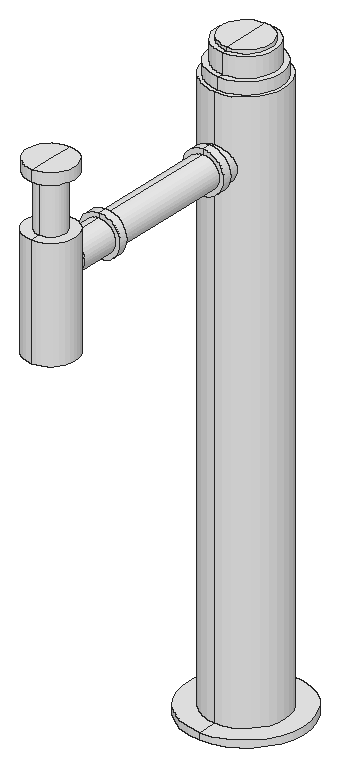
Revit family "Trap-FloorMounted-FreestandingBottleTrapSystem-Short-Vitra-Other-A45160", category Plumbing Fixtures, host Face, Revit 2017
Family settings
  Host = Face
  Round Connector Dimension = Use Diameter
  Part Type = Normal
  OmniClass Number = 23.45.55.17
  OmniClass Title = Mixing Faucets
  Cut with Voids When Loaded = No
  Shared = Yes
  Room Calculation Point = No
Parameters (values of type "Trap-FloorMounted-FreestandingBottleTrapSystem-Vitra-Other-A45160")
  Youtube = "https://www.youtube.com/user/VitrAglobal"
  Width(mm) = 120 mm
  Weight Net (kg) = "8,812"
  Waste Connection = yes
  Warranty Period (Year) = "10 Years"
  Uniformat II Description = "Plumbing Fixtures"
  Uniformat II Code = "D2010"
  Uniclass 2015 Name = "Wastewater and water mixer products"
  Uniclass 2015 Code = "Pr_60_45_90"
  Uniclass 2.0 Description = "Sanitary Dispensing And Disposal Units"
  Uniclass 1.4 Description = "Sanitary disposal units"
  Uniclass 2.0 Code = "PR-31-76"
  Uniclass 1.4 Code = "L7218"
  URL = "https://vitraglobal.com/"
  UNSPSC Description = "Sanitary ware"
  UNSPSC Code = "301815"
  Test Pressure = ""
  Technical description = "https://www.vitra.com.tr/pdf/A45160/"
  Tap hole Options (default) = ""
  Sustainability Performance = ""
  Specification = ""
  Region South America = "All"
  Region Oceania = "All"
  Region North America = "All"
  Region Middle East = "All"
  Region Europe = "All"
  Region Asia = "All"
  Region Antarctica = "All"
  Region Africa = "All"
  Range of flow pressure = ""
  Range of Hot Water Supply = ""
  Product url = ""
  Product group = "Other Trap"
  Product family = "Other"
  Product data url = "https://www.vitra.com.tr/armaturler/tamamlayici-urunler/sifon-suzgec/plural-yerden-sifon-seti-kisa-sku-A45160/"
  Product certification = "https://www.vitraglobal.com/brochures/"
  Product Type = "Freestanding Bottle Trap System"
  Product SKU = "A45160"
  Product Properties = ""
  Product Manual = ""
  Product Guid = ""
  Packaged Weight (kg) = ""
  Number Of Connections = 3 mm
  MountingType = "Floor Mounted"
  Min. flow pressure of = ""
  Main Material = ""
  Hot Water temperature, factory set to = ""
  Hot Water Supply (max.) = ""
  HW Connection = yes
  GTIP code = ""
  Flow Rate(L/min. - 3 bar) = ""
  Features = ""
  EAN code = ""
  Date of publishing = "2018"
  Cost = 0
  Connection Diameter (mm) = 15 mm
  Coating Material = Chrome
  OmniClass Description = "Residential Waste Disposal Units"
  OmniClass Code = "23-21 23 27"
  Nominal width = "0.000"
  Nominal height = "0.000"
  NBS Referans Description = "Sanitary Dispensing And Disposal Units"
  NBS Referans Code = "31-76"
  Model = "A45160"
  Masterformat 2014 Description = "Sanitary Waste and Vent Piping"
  Masterformat 2014 Code = "22 13 16"
  Manufacturer name = "Vitra"
  Manufacturer = "Vitra"
  Installation instructions = ""
  IFC Classification = "Sanitary Terminal"
  Height(mm) = 607 mm
  Design country = "Turkey"
  Description = "Freestanding Bottle Trap System Siphon Set - Short"
  Depth(mm) = 340 mm
  Default Elevation = 0 mm
  Color = "Chrome"
  Calculated flow = ""
  CW Connection = yes
  COBIe Type Category = ""
  Brand = "VitrA"
  BIMobject category = "Sanitary - Taps & Mixers"
  Article No. (default) = "A45160"
  Approvals = ""
  ApplicationType = ""
  Accessories (default) = ""
Types (8, lengths in mm): name | Warranty Period (Year) | Technical description | Product data url | Product SKU | Coating Material | Model | Color | Article No. (default)
  (no name) | "10 Years" | "https://www.vitra.com.tr/pdf/A45160/" | "https://www.vitra.com.tr/armaturler/tamamlayici-urunler/sifon-suzgec/plural-yerden-sifon-seti-kisa-sku-A45160/" | "A45160" | Chrome | "A45160" | "Chrome" | "A45160"
  Trap-FloorMounted-FreestandingBottleTrapSystem-Vitra-Other-A45160 | "10 Years" | "https://www.vitra.com.tr/pdf/A45160/" | "https://www.vitra.com.tr/armaturler/tamamlayici-urunler/sifon-suzgec/plural-yerden-sifon-seti-kisa-sku-A45160/" | "A45160" | Chrome | "A45160" | "Chrome" | "A45160"
  Trap-FloorMounted-FreestandingBottleTrapSystem-Vitra-Other-A4516036 | "10 Years" | "https://www.vitra.com.tr/pdf/A4516036/" | "https://www.vitra.com.tr/armaturler/tamamlayici-urunler/sifon-suzgec/plural-yerden-sifon-seti-kisa-sku-A4516036/" | "A4516036" | MatteBlack | "A4516036" | "Black" | "A4516036"
  Trap-FloorMounted-FreestandingBottleTrapSystem-Vitra-Other-A4516036IND | "7 Years" | "https://www.vitra.com.tr/pdf/A4516036/" | "https://www.vitra-india.com/faucets-shower-systems-accessories/complementary-products/traps/freestanding-bottle-trap-system-sku-a4516036ind" | "A4516036IND" | MatteBlack | "A4516036IND" | "Black" | "A4516036IND"
  Trap-FloorMounted-FreestandingBottleTrapSystem-Vitra-Other-A45160IND | "7 Years" | "https://www.vitra.com.tr/pdf/A45160/" | "https://www.vitra-india.com/faucets-shower-systems-accessories/complementary-products/traps/freestanding-bottle-trap-system-sku-a45160ind" | "A45160IND" | Chrome | "A45160IND" | "Chrome" | "A45160IND"
  Trap-FloorMounted-FreestandingBottleTrapSystem-Vitra-Other-A45160EXP | "7 Years" | "https://www.vitra.com.tr/pdf/A45160/" | "https://www.vitra.com.tr/armaturler/tamamlayici-urunler/sifon-suzgec/plural-yerden-sifon-seti-kisa-sku-A45160/" | "A45160EXP" | Chrome | "A45160EXP" | "Chrome" | "A45160EXP"
  Trap-FloorMounted-FreestandingBottleTrapSystem-Vitra-Other-A45160VUK | "7 Years" | "https://www.vitra.com.tr/pdf/A45160/" | "https://www.vitra.com.tr/armaturler/tamamlayici-urunler/sifon-suzgec/plural-yerden-sifon-seti-kisa-sku-A45160/" | "A45160VUK" | Chrome | "A45160VUK" | "Chrome" | "A45160VUK"
  Trap-FloorMounted-FreestandingBottleTrapSystem-Vitra-Other-A4516036VUK | "7 Years" | "https://www.vitra.com.tr/pdf/A4516036/" | "https://www.vitra.com.tr/armaturler/tamamlayici-urunler/sifon-suzgec/plural-yerden-sifon-seti-kisa-sku-A4516036/" | "A4516036VUK" | MatteBlack | "A4516036VUK" | "Black" | "A4516036VUK"
Reference planes
  plane 1 "Center (Front/Back)": y = 0
  plane 2: z = 0
  plane 3 "Center (Left/Right)": x = 0
  plane 4: y = -279.779
  plane 5: y = 60.221
  plane 6: x = -60.094
  plane 7: x = 59.906
  plane 8: z = 607
Forms (mm)
  Revolve 1, solid, material "Chrome" <- "Coating Material"
    sketch origin (0, -254.813, 626.247) x (0, 0, -1) y (0, 1, 0)
      loop
        line (0, -22.962) -> (11.4, -22.962) -> (11.4, -12.962) -> (65.5, -12.962) -> (65.5, -23.462) -> (180, -23.462) -> (180, 1.538) -> (0, 1.538) -> (0, -22.962)
      axis (180, 1.538) -> (0, 1.538)
    angle from 0 to 360
  Revolve 2, solid, material "Chrome" <- "Coating Material"
    sketch origin (0, -47, 527.597) x (0, -1, 0) y (0, 0, -1)
      loop
        line (143.275, -20.15) -> (143.275, -15.15) -> (183.275, -15.15) -> (205.775, -15.15) -> (205.775, 1.35) -> (-30.225, 1.35) -> (-30.225, -17.45) -> (0, -17.45) -> (0, -20.15) -> (8.5, -20.15) -> (8.5, -15.15) -> (134.775, -15.15) -> (134.775, -20.15) -> (143.275, -20.15)
      axis (205.775, 1.35) -> (-30.225, 1.35)
    angle from 0 to 360
  Revolve 3, solid, material "Chrome" <- "Coating Material"
    sketch origin (0, 0, 0) x (0, 0, 1) y (0, -1, 0)
      loop
        line (7.247, -60) -> (7.247, -40) -> (593.997, -40) -> (593.997, -36) -> (605.997, -36) -> (605.997, -30) -> (625.997, -30) -> (625.997, -25) -> (629.497, -25) -> (629.497, 0) -> (0.247, 0) -> (0.247, -60) -> (7.247, -60)
      axis (629.497, 0) -> (0.247, 0)
    angle from 0 to 360
  Extrusion 4, solid, material "Chrome" <- "Coating Material"
    sketch origin (0, 0, 0.247) x (0, 1, 0) y (1, 0, 0)
      loop
        circle (12.868, 8.968) r 5
      loop
        circle (12.591, -9.587) r 5
      loop
        circle (-6.881, 0.227) r 15
    from 0 to 10
Cuts and joins
  joined: Revolve 1, Revolve 2, Revolve 3, Extrusion 4
Dimensions and locks
  "Depth(mm)": plane 5 to plane 4
  "Width(mm)": plane 6 to plane 7
  "Height(mm)": plane 8 to host face
  aligned and locked: plane 2 to host face
  aligned and locked: level to host face
Automatic sketch dimensions
  host sketch curve to host sketch curve = 2438.4 mm  (x2)
  Revolve 1 sketch curve to Revolve 1 sketch curve = 54.1 mm
  Revolve 1 sketch curve to Revolve 1 sketch curve = 9.5 mm
  Revolve 1 sketch curve to Revolve 1 sketch curve = 20 mm
  Revolve 2 sketch curve to Revolve 2 sketch curve = 8.5 mm  (x2)
  Revolve 2 sketch curve to Revolve 2 sketch curve = 5 mm  (x2)
  Revolve 2 sketch curve to Revolve 2 sketch curve = 36.275 mm
  Revolve 2 sketch curve to Revolve 2 sketch curve = 30 mm
  Revolve 3 sketch curve to Revolve 3 sketch curve = 12 mm
  Revolve 3 sketch curve to Revolve 3 sketch curve = 20 mm
  Revolve 3 sketch curve to Revolve 3 sketch curve = 3.5 mm
  Revolve 3 sketch curve to Revolve 3 sketch curve = 6 mm
  Revolve 3 sketch curve to Revolve 3 sketch curve = 5 mm
  Revolve 3 sketch curve to Revolve 3 sketch curve = 263.997 mm
  Revolve 3 sketch curve to Revolve 3 sketch curve = 85 mm
  Extrusion 4 sketch curve to Revolve 3 = 8.968 mm
  Extrusion 4 sketch curve to Extrusion 4 sketch curve = 5 mm  (x2)
  Extrusion 4 sketch curve to Revolve 3 = 0.227 mm
  Revolve 3 to Extrusion 4 sketch curve = 9.587 mm
  Extrusion 4 sketch curve to Extrusion 4 sketch curve = 19.472 mm
  Extrusion 4 sketch curve to Extrusion 4 sketch curve = 0.277 mm
  Extrusion 4 sketch curve to Extrusion 4 sketch curve = 15 mm
  Extrusion 4 sketch curve to Extrusion 4 sketch curve = 0 mm  (x3)
  plane 4 to Revolve 1 sketch curve = 2.004 mm
  Revolve 1 sketch curve to plane 8 = 19.247 mm
  Revolve 1 sketch curve to plane 8 = 7.847 mm
  plane 4 to Revolve 1 sketch curve = 1.504 mm
  Revolve 1 sketch curve to Revolve 1 sketch curve = 85 mm
  Revolve 1 sketch curve to Revolve 1 sketch curve = 10.5 mm
  Revolve 1 sketch curve to Revolve 1 sketch curve = 25 mm
  plane 4 to Revolve 1 sketch curve = 26.504 mm
  plane 1 "Center (Front/Back)" to Revolve 2 sketch curve = 16.775 mm
  Revolve 2 sketch curve to Revolve 2 sketch curve = 30.225 mm
  Revolve 2 sketch curve to Revolve 2 sketch curve = 60 mm
  Revolve 2 sketch curve to Revolve 2 sketch curve = 40 mm
  plane 4 to Revolve 2 sketch curve = 27.004 mm
  plane 8 to Revolve 2 sketch curve = 59.253 mm  (x2)
  Revolve 2 sketch curve to Revolve 2 sketch curve = 2.7 mm
  Revolve 2 sketch curve to Revolve 2 sketch curve = 18.8 mm
  Revolve 2 sketch curve to Revolve 2 sketch curve = 16.5 mm
  Revolve 3 sketch curve to plane 1 "Center (Front/Back)" = 0 mm  (x2)
  level to Revolve 3 sketch curve = 0.247 mm
  level to Revolve 3 sketch curve = 7.247 mm
  plane 8 to Revolve 3 sketch curve = 13.003 mm
  Revolve 3 sketch curve to plane 1 "Center (Front/Back)" = 25 mm
  Revolve 3 sketch curve to plane 5 = 20.221 mm
  Revolve 3 sketch curve to plane 5 = 0.221 mm
Connectors
  piping at (8.968, 12.868, -9.753), diameter 15
    settings: on cut or joined group of Revolve 1, Revolve 2, Revolve 3, Extrusion 4, index 1, connector inside diameter 609.6 mm, connector length 0 mm, flow factor 0, pipe flow 0.0 L/s, pressure drop 0.0 Pa, fitting loss kfactor 0, connector angle 0.00°, fixture units 0, engagement length 0 mm, angle of deflection 0.00°, flow configuration 0, flow direction 1, fitting loss method 0, system type 20, joint type 0, gender type 0, connector reference index -1, connector utility 0, adjustable connector no, is connector primary yes, connector description ""
  piping at (-9.587, 12.591, -9.753), diameter 15
    settings: on cut or joined group of Revolve 1, Revolve 2, Revolve 3, Extrusion 4, index 2, connector inside diameter 609.6 mm, connector length 0 mm, flow factor 0, pipe flow 0.0 L/s, pressure drop 0.0 Pa, fitting loss kfactor 0, connector angle 0.00°, fixture units 0, engagement length 0 mm, angle of deflection 0.00°, flow configuration 0, flow direction 1, fitting loss method 0, system type 19, joint type 0, gender type 0, connector reference index -1, connector utility 0, adjustable connector no, is connector primary no, connector description ""
  piping at (0.227, -6.881, -9.753), diameter 32
    settings: on cut or joined group of Revolve 1, Revolve 2, Revolve 3, Extrusion 4, index 3, connector inside diameter 609.6 mm, connector length 0 mm, flow factor 0, pipe flow 0.0 L/s, pressure drop 0.0 Pa, fitting loss kfactor 0, connector angle 0.00°, fixture units 0, engagement length 0 mm, angle of deflection 0.00°, flow configuration 0, flow direction 2, fitting loss method 0, system type 16, joint type 0, gender type 0, connector reference index -1, connector utility 0, adjustable connector no, is connector primary no, connector description ""
  piping at (0, -253.275, 626.247), diameter 32
    settings: on cut or joined group of Revolve 1, Revolve 2, Revolve 3, Extrusion 4, index 4, connector inside diameter 609.6 mm, connector length 0 mm, flow factor 0, pipe flow 0.0 L/s, pressure drop 0.0 Pa, fitting loss kfactor 0, connector angle 0.00°, fixture units 0, engagement length 0 mm, angle of deflection 0.00°, flow configuration 0, flow direction 1, fitting loss method 0, system type 16, joint type 0, gender type 0, connector reference index -1, connector utility 0, adjustable connector no, is connector primary no, connector description ""
